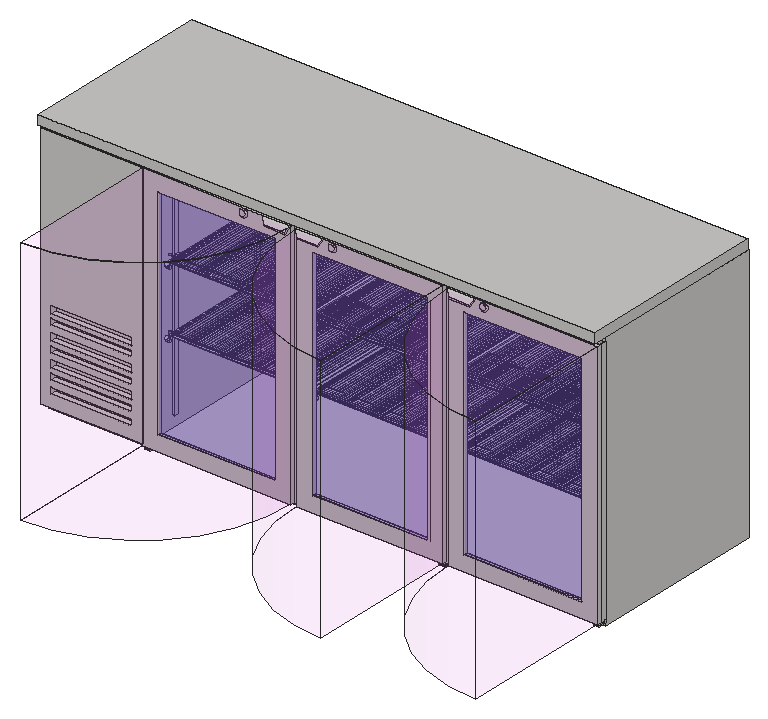
Revit family "QF_True_TBB24-72-3G-Z1-SFT-S-1_Glass_Swing_Door_Back_Bar", category Specialty Equipment, Revit 2021 (continued)
Definition of nested family "TBB24-72-3G-Z1-BST-B-1"
  Automatic sketch dimensions
    plane 7 "Center Y" to curve 15 = 0.63781"
    curve 5 to plane 10 = 0.02167"
    plane 13 to curve 5 = 0.04608"
    curve 18 to plane 13 = 1.19595"
    curve 10 to plane 13 = 2.94502"
    curve 17 to curve 19 = 2.67214"
    curve 6 to plane 10 = 0.02167"
    plane 4 "RIGHT" to curve 6 = 0.05741"
    plane 5 "FRONT" to curve 9 = 8.9955"
    plane 5 "FRONT" to curve 10 = 9.16144"
    curve 7 to curve 5 = 0.50779"
    plane 10 to curve 4 = 0.01931"
    curve 11 to curve 11 = 15/32"
    curve 5 to curve 14 = 0.35218"
    curve 9 to curve 5 = 0.32483"
    curve 6 to curve 17 = 0.35942"
    radius of Extrusion 49 sketch curve = 0.03267"
    radius of Extrusion 50 sketch curve = 0.03267"
    radius of Extrusion 51 sketch curve = 0.03267"
    radius of Extrusion 52 sketch curve = 0.03267"
    radius of Extrusion 53 sketch curve = 0.03267"
    radius of Extrusion 54 sketch curve = 0.03267"
    radius of Extrusion 55 sketch curve = 0.03267"
    radius of Extrusion 56 sketch curve = 0.03267"
    radius of Extrusion 57 sketch curve = 0.03267"
    radius of Extrusion 58 sketch curve = 0.03267"
    radius of Extrusion 59 sketch curve = 0.03267"
    radius of Extrusion 60 sketch curve = 0.03267"
    radius of Extrusion 61 sketch curve = 0.03267"
    radius of Extrusion 62 sketch curve = 0.03267"
    radius of Extrusion 63 sketch curve = 0.03267"
    radius of Extrusion 64 sketch curve = 0.03267"
    radius of Extrusion 65 sketch curve = 0.03267"
    radius of Extrusion 66 sketch curve = 0.03267"
    radius of Extrusion 67 sketch curve = 0.03267"
    radius of Extrusion 68 sketch curve = 0.03267"
    radius of Extrusion 69 sketch curve = 0.03267"
    radius of Extrusion 70 sketch curve = 0.03267"
    radius of Extrusion 71 sketch curve = 0.03267"
    radius of Extrusion 72 sketch curve = 0.03267"
    radius of Extrusion 73 sketch curve = 0.03267"
    radius of Extrusion 74 sketch curve = 0.03267"
    radius of Extrusion 75 sketch curve = 0.03267"
    radius of Extrusion 76 sketch curve = 0.03267"
    radius of Extrusion 77 sketch curve = 0.03267"
    radius of Extrusion 78 sketch curve = 0.03267"
    radius of Extrusion 79 sketch curve = 0.03267"
    radius of Extrusion 80 sketch curve = 0.03267"
    radius of Extrusion 81 sketch curve = 0.03267"
    radius of Extrusion 82 sketch curve = 0.03267"
    radius of Extrusion 83 sketch curve = 0.03267"
    radius of Extrusion 84 sketch curve = 0.03267"
    radius of Extrusion 85 sketch curve = 0.03267"
    radius of Extrusion 86 sketch curve = 0.03267"
    radius of Extrusion 87 sketch curve = 0.03267"
    radius of Extrusion 88 sketch curve = 0.03267"
    radius of Extrusion 89 sketch curve = 0.03267"
    radius of Extrusion 90 sketch curve = 0.03267"
    radius of Extrusion 91 sketch curve = 0.03267"
    radius of Extrusion 92 sketch curve = 0.03267"
    radius of Extrusion 93 sketch curve = 0.03267"
    radius of Extrusion 94 sketch curve = 0.03267"
    radius of Extrusion 95 sketch curve = 0.03267"
    radius of Extrusion 96 sketch curve = 0.03267"
    radius of Extrusion 97 sketch curve = 0.03267"
    radius of Extrusion 98 sketch curve = 0.03267"
    radius of Extrusion 99 sketch curve = 0.03267"  (x2)
    radius of Extrusion 100 sketch curve = 0.03267"  (x2)
    radius of Extrusion 101 sketch curve = 0.03267"  (x2)
    radius of Extrusion 102 sketch curve = 0.03267"  (x2)
    radius of Extrusion 103 sketch curve = 0.03267"  (x2)
    radius of Extrusion 104 sketch curve = 0.03267"  (x2)
    radius of Extrusion 105 sketch curve = 0.03267"  (x2)
    radius of Extrusion 106 sketch curve = 0.03267"  (x2)
    radius of Extrusion 107 sketch curve = 0.03267"  (x2)
    radius of Extrusion 108 sketch curve = 0.03267"  (x2)
    radius of Extrusion 109 sketch curve = 0.03267"  (x2)
    radius of Extrusion 110 sketch curve = 0.03267"  (x2)
    radius of Extrusion 111 sketch curve = 0.03267"  (x2)
    radius of Extrusion 112 sketch curve = 0.03267"  (x2)
    radius of Extrusion 113 sketch curve = 0.03267"  (x2)
    radius of Extrusion 114 sketch curve = 0.03267"  (x2)
    radius of Extrusion 115 sketch curve = 0.03267"  (x2)
    radius of Extrusion 116 sketch curve = 0.03267"  (x2)
    radius of Extrusion 117 sketch curve = 0.03267"  (x2)
    radius of Extrusion 118 sketch curve = 0.03267"  (x2)
    radius of Extrusion 119 sketch curve = 0.03267"  (x2)
    radius of Extrusion 120 sketch curve = 0.03267"  (x2)
    radius of Extrusion 121 sketch curve = 0.03267"  (x2)
    radius of Extrusion 122 sketch curve = 0.03267"  (x2)
    radius of Extrusion 123 sketch curve = 0.03267"  (x2)
    radius of Extrusion 124 sketch curve = 0.03267"  (x2)
    radius of Extrusion 125 sketch curve = 0.03267"  (x2)
    radius of Extrusion 126 sketch curve = 0.03267"  (x2)
    radius of Extrusion 127 sketch curve = 0.03267"  (x2)
    radius of Extrusion 128 sketch curve = 0.03267"  (x2)
    radius of Extrusion 129 sketch curve = 0.03267"  (x2)
    radius of Extrusion 130 sketch curve = 0.03267"  (x2)
    radius of Extrusion 131 sketch curve = 0.03267"  (x2)
    radius of Extrusion 132 sketch curve = 0.03267"  (x2)
    radius of Extrusion 133 sketch curve = 0.03267"  (x2)
    radius of Extrusion 134 sketch curve = 0.03267"  (x2)
    radius of Extrusion 135 sketch curve = 0.03267"  (x2)
    radius of Extrusion 136 sketch curve = 0.03267"  (x2)
    radius of Extrusion 137 sketch curve = 0.03267"  (x2)
    radius of Extrusion 138 sketch curve = 0.03267"  (x2)
    radius of Extrusion 139 sketch curve = 0.03267"  (x2)
    radius of Extrusion 140 sketch curve = 0.03267"  (x2)
    radius of Extrusion 141 sketch curve = 0.03267"  (x2)
    radius of Extrusion 142 sketch curve = 0.03267"  (x2)
    radius of Extrusion 143 sketch curve = 0.03267"  (x2)
    radius of Extrusion 144 sketch curve = 0.03267"  (x2)
    radius of Extrusion 145 sketch curve = 0.03267"  (x2)
    radius of Extrusion 146 sketch curve = 0.03267"  (x2)
    radius of Extrusion 147 sketch curve = 0.03267"  (x2)
    radius of Extrusion 148 sketch curve = 0.03267"  (x2)
    radius of Extrusion 149 sketch curve = 0.03267"  (x2)
    radius of Extrusion 150 sketch curve = 0.03267"  (x2)
    radius of Extrusion 151 sketch curve = 0.03267"  (x2)
    radius of Extrusion 152 sketch curve = 0.03267"  (x2)
    radius of Extrusion 153 sketch curve = 0.03267"  (x2)
    radius of Extrusion 154 sketch curve = 0.03267"  (x2)
    radius of Extrusion 155 sketch curve = 0.03267"  (x2)
    radius of Extrusion 156 sketch curve = 0.03267"  (x2)
    radius of Extrusion 157 sketch curve = 0.03267"  (x2)
    radius of Extrusion 158 sketch curve = 0.03267"  (x2)
    radius of Extrusion 159 sketch curve = 0.03267"  (x2)
    radius of Extrusion 160 sketch curve = 0.03267"  (x2)
    radius of Extrusion 161 sketch curve = 0.03267"  (x2)
    radius of Extrusion 162 sketch curve = 0.03267"  (x2)
    radius of Extrusion 163 sketch curve = 0.03267"  (x2)
    radius of Extrusion 164 sketch curve = 0.03267"  (x2)
    radius of Extrusion 165 sketch curve = 0.03267"  (x2)
    radius of Extrusion 166 sketch curve = 0.03267"  (x2)
    radius of Extrusion 167 sketch curve = 0.03267"  (x2)
    radius of Extrusion 168 sketch curve = 0.03267"  (x2)
    radius of Extrusion 169 sketch curve = 0.03267"  (x2)
    radius of Extrusion 170 sketch curve = 0.03267"  (x2)
    radius of Extrusion 171 sketch curve = 0.03267"  (x2)
    radius of Extrusion 172 sketch curve = 0.03267"  (x2)
    radius of Extrusion 173 sketch curve = 0.03267"  (x2)
    radius of Extrusion 174 sketch curve = 0.03267"  (x2)
    radius of Extrusion 175 sketch curve = 0.03267"  (x2)
    radius of Extrusion 176 sketch curve = 0.03267"  (x2)
    radius of Extrusion 177 sketch curve = 0.03267"  (x2)
    radius of Extrusion 178 sketch curve = 0.03267"  (x2)
    radius of Extrusion 179 sketch curve = 0.03267"  (x2)
    radius of Extrusion 180 sketch curve = 0.03267"  (x2)
    radius of Extrusion 181 sketch curve = 0.03267"  (x2)
    radius of Extrusion 182 sketch curve = 0.03267"  (x2)
    radius of Extrusion 183 sketch curve = 0.03267"  (x2)
    radius of Extrusion 184 sketch curve = 0.03267"  (x2)
    radius of Extrusion 185 sketch curve = 0.03267"  (x2)
    radius of Extrusion 186 sketch curve = 0.03267"  (x2)
    radius of Extrusion 187 sketch curve = 0.03267"  (x2)
    radius of Extrusion 188 sketch curve = 0.03267"  (x2)
    radius of Extrusion 189 sketch curve = 0.03267"  (x2)
    radius of Extrusion 190 sketch curve = 0.03267"  (x2)
    radius of Extrusion 191 sketch curve = 0.03267"  (x2)
    radius of Extrusion 192 sketch curve = 0.03267"  (x2)
    radius of Extrusion 193 sketch curve = 0.03267"  (x2)
    radius of Extrusion 194 sketch curve = 0.03267"  (x2)
    radius of Extrusion 195 sketch curve = 0.03267"  (x2)
    radius of Extrusion 196 sketch curve = 0.03267"  (x2)
    radius of Extrusion 197 sketch curve = 0.03267"  (x2)
    radius of Extrusion 198 sketch curve = 0.03267"  (x2)
    radius of Extrusion 199 sketch curve = 0.03267"  (x2)
    radius of Extrusion 200 sketch curve = 0.03267"  (x2)
    radius of Extrusion 201 sketch curve = 0.03267"  (x2)
    radius of Extrusion 202 sketch curve = 0.03267"  (x2)
    radius of Extrusion 203 sketch curve = 0.03267"  (x2)
    radius of Extrusion 204 sketch curve = 0.03267"  (x2)
    radius of Extrusion 205 sketch curve = 0.03267"  (x2)
    radius of Extrusion 206 sketch curve = 0.03267"  (x2)
    radius of Extrusion 207 sketch curve = 0.03267"  (x2)
    radius of Extrusion 208 sketch curve = 0.03267"  (x2)
    radius of Extrusion 209 sketch curve = 0.03267"  (x2)
    radius of Extrusion 210 sketch curve = 0.03267"  (x2)
    radius of Extrusion 211 sketch curve = 0.03267"  (x2)
    radius of Extrusion 212 sketch curve = 0.03267"  (x2)
    radius of Extrusion 213 sketch curve = 0.03267"  (x2)
    radius of Extrusion 214 sketch curve = 0.03267"  (x2)
    radius of Extrusion 215 sketch curve = 0.03267"  (x2)
    radius of Extrusion 216 sketch curve = 0.03267"  (x2)
    radius of Extrusion 217 sketch curve = 0.03267"  (x2)
    radius of Extrusion 218 sketch curve = 0.03267"  (x2)
    radius of Extrusion 219 sketch curve = 0.03267"  (x2)
    radius of Extrusion 220 sketch curve = 0.03267"  (x2)
    radius of Extrusion 221 sketch curve = 0.03267"  (x2)
    radius of Extrusion 222 sketch curve = 0.03267"  (x2)
    radius of Extrusion 223 sketch curve = 0.03267"  (x2)
    radius of Extrusion 224 sketch curve = 0.03267"  (x2)
    radius of Extrusion 225 sketch curve = 0.03267"  (x2)
    radius of Extrusion 226 sketch curve = 0.03267"  (x2)
    radius of Extrusion 227 sketch curve = 0.03267"  (x2)
    radius of Extrusion 228 sketch curve = 0.03267"  (x2)
    radius of Extrusion 229 sketch curve = 0.03267"  (x2)
    radius of Extrusion 230 sketch curve = 0.03267"  (x2)
    radius of Extrusion 231 sketch curve = 0.03267"  (x2)
    radius of Extrusion 232 sketch curve = 0.03267"  (x2)
    radius of Extrusion 233 sketch curve = 0.03267"  (x2)
    radius of Extrusion 234 sketch curve = 0.03267"  (x2)
    radius of Extrusion 235 sketch curve = 0.03267"  (x2)
    radius of Extrusion 236 sketch curve = 0.03267"  (x2)
    radius of Extrusion 237 sketch curve = 0.03267"  (x2)
    radius of Extrusion 238 sketch curve = 0.03267"  (x2)
    radius of Extrusion 239 sketch curve = 0.03267"  (x2)
    radius of Extrusion 240 sketch curve = 0.03267"  (x2)
    radius of Extrusion 241 sketch curve = 0.03267"  (x2)
    radius of Extrusion 242 sketch curve = 0.03267"  (x2)
    radius of Extrusion 243 sketch curve = 0.03267"  (x2)
    radius of Extrusion 244 sketch curve = 0.03267"  (x2)
    radius of Extrusion 245 sketch curve = 0.03267"  (x2)
    radius of Extrusion 246 sketch curve = 0.03267"  (x2)
    radius of Extrusion 247 sketch curve = 0.03267"  (x2)
    radius of Extrusion 248 sketch curve = 0.03267"  (x2)
    radius of Extrusion 249 sketch curve = 0.03267"  (x2)
    radius of Extrusion 250 sketch curve = 0.03267"
    radius of Extrusion 299 sketch curve = 0.03267"  (x3)
    radius of Extrusion 300 sketch curve = 0.03267"  (x2)
    radius of Extrusion 348 sketch curve = 0.03267"  (x2)
    radius of Extrusion 251 sketch curve = 0.03267"
    radius of Extrusion 301 sketch curve = 0.03267"  (x2)
    radius of Extrusion 252 sketch curve = 0.03267"
    radius of Extrusion 302 sketch curve = 0.03267"  (x2)
    radius of Extrusion 253 sketch curve = 0.03267"
    radius of Extrusion 303 sketch curve = 0.03267"  (x2)
    radius of Extrusion 254 sketch curve = 0.03267"
    radius of Extrusion 304 sketch curve = 0.03267"  (x2)
    radius of Extrusion 255 sketch curve = 0.03267"
    radius of Extrusion 305 sketch curve = 0.03267"  (x2)
    radius of Extrusion 256 sketch curve = 0.03267"
    radius of Extrusion 306 sketch curve = 0.03267"  (x2)
    radius of Extrusion 257 sketch curve = 0.03267"
    radius of Extrusion 307 sketch curve = 0.03267"  (x2)
    radius of Extrusion 258 sketch curve = 0.03267"
    radius of Extrusion 308 sketch curve = 0.03267"  (x2)
    radius of Extrusion 259 sketch curve = 0.03267"
    radius of Extrusion 309 sketch curve = 0.03267"  (x2)
    radius of Extrusion 260 sketch curve = 0.03267"
    radius of Extrusion 310 sketch curve = 0.03267"  (x2)
    radius of Extrusion 261 sketch curve = 0.03267"
    radius of Extrusion 311 sketch curve = 0.03267"  (x2)
    radius of Extrusion 262 sketch curve = 0.03267"
    radius of Extrusion 312 sketch curve = 0.03267"  (x2)
    radius of Extrusion 263 sketch curve = 0.03267"
    radius of Extrusion 313 sketch curve = 0.03267"  (x2)
    radius of Extrusion 264 sketch curve = 0.03267"
    radius of Extrusion 314 sketch curve = 0.03267"  (x2)
    radius of Extrusion 265 sketch curve = 0.03267"
    radius of Extrusion 315 sketch curve = 0.03267"  (x2)
    radius of Extrusion 266 sketch curve = 0.03267"
    radius of Extrusion 316 sketch curve = 0.03267"  (x2)
    radius of Extrusion 267 sketch curve = 0.03267"
    radius of Extrusion 317 sketch curve = 0.03267"  (x2)
    radius of Extrusion 268 sketch curve = 0.03267"
    radius of Extrusion 318 sketch curve = 0.03267"  (x2)
    radius of Extrusion 269 sketch curve = 0.03267"
    radius of Extrusion 319 sketch curve = 0.03267"  (x2)
    radius of Extrusion 270 sketch curve = 0.03267"
    radius of Extrusion 320 sketch curve = 0.03267"  (x2)
    radius of Extrusion 271 sketch curve = 0.03267"
    radius of Extrusion 321 sketch curve = 0.03267"  (x2)
    radius of Extrusion 272 sketch curve = 0.03267"
    radius of Extrusion 322 sketch curve = 0.03267"  (x2)
    radius of Extrusion 273 sketch curve = 0.03267"
    radius of Extrusion 323 sketch curve = 0.03267"  (x2)
    radius of Extrusion 274 sketch curve = 0.03267"
    radius of Extrusion 324 sketch curve = 0.03267"  (x2)
    radius of Extrusion 275 sketch curve = 0.03267"
    radius of Extrusion 325 sketch curve = 0.03267"  (x2)
    radius of Extrusion 276 sketch curve = 0.03267"
    radius of Extrusion 326 sketch curve = 0.03267"  (x2)
    radius of Extrusion 277 sketch curve = 0.03267"
    radius of Extrusion 327 sketch curve = 0.03267"  (x2)
    radius of Extrusion 278 sketch curve = 0.03267"
    radius of Extrusion 328 sketch curve = 0.03267"  (x2)
    radius of Extrusion 279 sketch curve = 0.03267"
    radius of Extrusion 329 sketch curve = 0.03267"  (x2)
    radius of Extrusion 280 sketch curve = 0.03267"
    radius of Extrusion 330 sketch curve = 0.03267"  (x2)
    radius of Extrusion 281 sketch curve = 0.03267"
    radius of Extrusion 331 sketch curve = 0.03267"  (x2)
    radius of Extrusion 282 sketch curve = 0.03267"
    radius of Extrusion 332 sketch curve = 0.03267"  (x2)
    radius of Extrusion 283 sketch curve = 0.03267"
    radius of Extrusion 333 sketch curve = 0.03267"  (x2)
    radius of Extrusion 284 sketch curve = 0.03267"
    radius of Extrusion 334 sketch curve = 0.03267"  (x2)
    radius of Extrusion 285 sketch curve = 0.03267"
    radius of Extrusion 335 sketch curve = 0.03267"  (x2)
    radius of Extrusion 286 sketch curve = 0.03267"
    radius of Extrusion 336 sketch curve = 0.03267"  (x2)
    radius of Extrusion 287 sketch curve = 0.03267"
    radius of Extrusion 337 sketch curve = 0.03267"  (x2)
    radius of Extrusion 288 sketch curve = 0.03267"
    radius of Extrusion 338 sketch curve = 0.03267"  (x2)
    radius of Extrusion 289 sketch curve = 0.03267"
    radius of Extrusion 339 sketch curve = 0.03267"  (x2)
    radius of Extrusion 290 sketch curve = 0.03267"
    radius of Extrusion 340 sketch curve = 0.03267"  (x2)
    radius of Extrusion 291 sketch curve = 0.03267"
    radius of Extrusion 341 sketch curve = 0.03267"  (x2)
    radius of Extrusion 292 sketch curve = 0.03267"
    radius of Extrusion 342 sketch curve = 0.03267"  (x2)
    radius of Extrusion 293 sketch curve = 0.03267"
    radius of Extrusion 343 sketch curve = 0.03267"  (x2)
    radius of Extrusion 294 sketch curve = 0.03267"
    radius of Extrusion 344 sketch curve = 0.03267"  (x2)
    radius of Extrusion 295 sketch curve = 0.03267"
    radius of Extrusion 345 sketch curve = 0.03267"  (x2)
    radius of Extrusion 296 sketch curve = 0.03267"
    radius of Extrusion 346 sketch curve = 0.03267"  (x2)
    radius of Extrusion 297 sketch curve = 0.03267"
    radius of Extrusion 347 sketch curve = 0.03267"  (x2)
    radius of Extrusion 298 sketch curve = 0.03267"
    radius of Extrusion 7 sketch curve = 1/2"
    radius of Blend 12 sketch curve = 1/2"
    radius of Blend 12 sketch curve = 0.39938"
    radius of Blend 13 sketch curve = 1/2"
    radius of Blend 13 sketch curve = 0.39938"
    radius of Extrusion 16 sketch curve = 1/4"  (x3)
    radius of Extrusion 17 sketch curve = 1/4"  (x3)
    radius of Sweep 20 sketch curve = 0.14183"
    radius of Sweep 33 sketch curve = 0.14183"
    radius of Extrusion 34 sketch curve = 0.05462"
    radius of Extrusion 35 sketch curve = 0.05462"
    radius of Extrusion 36 sketch curve = 0.05462"
    radius of Extrusion 37 sketch curve = 0.05462"
    radius of Sweep 42 sketch curve = 0.14183"
    radius of Sweep 43 sketch curve = 0.14183"
    radius of Sweep 44 sketch curve = 0.14183"
    radius of Sweep 45 sketch curve = 0.14183"
    radius of Extrusion 47 sketch curve = 0.05462"
    radius of Extrusion 48 sketch curve = 0.05462"
    radius of Blend 350 sketch curve = 1/2"
    radius of Blend 350 sketch curve = 0.39938"
Definition of nested family "Family3"
  Parameters (values of type "Family3")
    Weight in Pounds = 0
    URL Cutsheet = ""
    Specification by User = ""
    Specification by Manufacturer = ""
    Show Seismic Flanged [instance] = yes
    Show 6" Legs [instance] = yes
    Show 5" Casters [instance] = yes
    Show 4" Casters [instance] = yes
    Show 3" Casters [instance] = yes
    Show 2" Casters [instance] = yes
    Serial Number = ""
    Seismic Rating = ""
    SMACNA No = ""
    Revision Code = ""
    NAFEM Spec ID Number = ""
    Masterspec = ""
    Length = 0"
    Item Number = ""
    Installed By = ""
    Identify Quantity as Lot = yes
    Height = 0"
    Furnished By = ""
    Foodservice Equipment Identifier = yes
    Depth = 0"
    Default Elevation = 0"
    CSI MasterFormat = ""
  Reference planes (in)
    plane 1 "BACK": y = 0
    plane 2: z = 0
    plane 3 "LEFT": x = 0
    plane 4 "RIGHT": x = 0
    plane 5 "FRONT": y = 0
    plane 6 "TOP": z = 0
    plane 7 "Center Y": x = 0
    plane 8 "Center X": y = 0
  Dimensions and locks (in)
    equal spacing: plane 3 "LEFT", plane 7 "Center Y", plane 4 "RIGHT"
    "Length": plane 3 "LEFT" to plane 4 "RIGHT"
    equal spacing: plane 5 "FRONT", plane 8 "Center X", plane 1 "BACK"
    "Depth": plane 5 "FRONT" to plane 1 "BACK"
    "Height": plane 6 "TOP" to level
    aligned and locked: level to plane 2
  Nested families (in)
    nested 1: "2 INCHES_CASTER" at (0, 0, 0), 2 Inches Caster <- "Show 2" Casters", type "2 INCHES_CASTER"
      with Type Mark "", Specification by User "", Revision Code "", Item Number "", Installed By "", Identify Quantity as Lot yes, Furnished By "", Foodservice Equipment Identifier yes, 2 Inches Caster yes
    nested 2: "3 INCHES 01_CASTER" at (0, 0, 0), 3 Inches Caster <- "Show 3" Casters", type "3 INCHES 01_CASTER"
      with Type Mark "", Specification by User "", Revision Code "", Item Number "", Installed By "", Identify Quantity as Lot yes, Furnished By "", Foodservice Equipment Identifier yes, 3 Inches Caster yes
    nested 3: "4 INCHES_CASTER" at (0, 0, 0), Show 4 Inches Casters <- "Show 4" Casters", type "4 INCHES_CASTER"
      with Type Mark "", Specification by User "", Show 4 Inches Casters yes, Revision Code "", Item Number "", Installed By "", Identify Quantity as Lot yes, Furnished By "", Foodservice Equipment Identifier yes
    nested 4: "5 INCHES 01_CASTER 2" at (0, 0, 0), Show 5" Casters <- "Show 5" Casters", type "5 INCHES 01_CASTER 2"
      with Type Mark "", Specification by User "", Show 5" Casters yes, Revision Code "", Key Locks no, Item Number "", Installed By "", Identify Quantity as Lot yes, Furnished By "", Foodservice Equipment Identifier yes
    nested 5: "6 INCHES LEGS" at (0, 0, 0), Show 6" Legs <- "Show 6" Legs", type "6 INCHES LEGS"
      with Type Mark "", Status "", Specification by User "", Show Seismic Flanged no, Show 6" Legs yes, Revision Code "", Item Number "", Installed By "", Identify Quantity as Lot yes, Furnished By "", Foodservice Equipment Identifier yes
    nested 6: "6 INCHES LEGS WITH FLANGED" at (0, 0, 0), visible <- "Show Seismic Flanged", Show 6" Seismic Flanged <- "Show Seismic Flanged", type "6 INCHES LEGS WITH FLANGED"
      with Type Mark "", Status "", Specification by User "", Revision Code "", Item Number "", Installed By "", Identify Quantity as Lot yes, Furnished By "", Foodservice Equipment Identifier yes
  Definition of nested family "2 INCHES_CASTER"
    Parameters (values of type "2 INCHES_CASTER")
      Weight = ""
      URL Manufacturer = ""
      URL Cutsheet = ""
      URL = ""
      Type Mark [instance] = ""
      Specification by User [instance] = ""
      Specification by Manufacturer = ""
      Serial Number = ""
      Seismic Rating = ""
      SMACNA No = ""
      Revision Code [instance] = ""
      Omniclass Number and Title = ""
      NAFEM Spec ID Number = ""
      Model = ""
      MasterSpec. = ""
      Manufacturer = ""
      Item Number [instance] = ""
      Installed By [instance] = ""
      Identify Quantity as Lot [instance] = yes
      Furnished By [instance] = ""
      Foodservice Equipment Identifier [instance] = yes
      Description = ""
      Default Elevation = 0"
      CSI MasterFormat = ""
      CSI Master Format = ""
      Assembly Code = ""
      2 Inches Caster [instance] = yes
    Reference planes (in)
      plane 1: z = 0
      plane 2 "RIGHT": x = 0
      plane 3 "FRONT": y = 0
      plane 4 "TOP": z = 2
    Forms (in)
      Revolve 1, solid, visible <- "2 Inches Caster"
        sketch origin (-1.93794, 0.46818, -1.0041) x (1, 0, 0) y (0, 0, 1)
          loop
            line (0.74055, 1.86347) -> (0.74055, 1.78797) -> (0.79055, 1.73797) -> (0.85055, 1.73797) -> (0.85055, 1.6179) -> (1.235, 1.6179) -> (1.235, 1.55055) -> (1.38673, 1.46295) -> (1.4003, 1.3791) -> (1.34375, 1.3791) -> (1.34375, 1.2541) -> (1.375, 1.2541) -> (1.375, 1.0041) -> (2.48438, 1.0041) -> (2.48438, 1.2541) -> (2.51563, 1.2541) -> (2.51563, 1.3791) -> (2.45908, 1.3791) -> (2.47322, 1.46647) -> (2.62438, 1.55374) -> (2.62438, 1.6179) -> (3.04007, 1.6179) -> (3.04007, 1.73797) -> (3.10007, 1.73797) -> (3.15007, 1.78797) -> (3.15007, 1.86347) -> (0.74055, 1.86347)
          axis (0.74055, 1.86347) -> (3.15007, 1.86347)
        angle from 0 to 360
      Extrusion 2, solid, visible <- "2 Inches Caster"
        sketch origin (-1.93794, 1.43296, -3.41527) x (0, 1, 0) y (0, 0, 1)
          loop
            line (-0.64294, 5.3791) -> (-2.21294, 5.3791) -> (-2.21294, 5.24769) -> (-1.37414, 5.24769)
            arc (-1.37414, 5.24769) -> (-0.62115, 5.15851) -> (0.05138, 4.80832) r 2.10495
            line (0.05138, 4.80832) -> (0.12713, 4.91318)
            arc (0.12713, 4.91318) -> (-0.07255, 5.06376) -> (-0.29048, 5.18644) r 1.8753
            line (-0.29048, 5.18644) -> (-0.22239, 5.30423)
            arc (-0.22239, 5.30423) -> (-0.42936, 5.36024) -> (-0.64294, 5.3791) r 1.21859
        from 1.17357 to 2.70231
      Revolve 3, solid, visible <- "2 Inches Caster"
        sketch origin (0, 1.73858, -3.75) x (0, 1, 0) y (0, 0, 1)
          loop
            line (-1.73858, 5.71382) -> (-1.05793, 5.71382) -> (-1.05793, 5.75) -> (-1.73858, 5.75) -> (-1.73858, 5.71382)
          axis (-1.73858, 5.71382) -> (-1.73858, 5.75319)
        angle from 0 to 360
      Extrusion 4, solid, visible <- "2 Inches Caster"
        sketch origin (-1.98481, 1.43296, -1.7541) x (0, 1, 0) y (0, 0, 1)
          loop
            line (-2.21294, 3.71792) -> (-2.21294, 3.58652) -> (-1.94904, 3.58652)
            arc (-1.94904, 3.58652) -> (-1.56115, 3.28048) -> (-1.39241, 2.81612) r 0.90292
            arc (-1.39241, 2.81612) -> (-1.36136, 2.62044) -> (-1.29729, 2.43295) r 1.15385
            arc (-1.29729, 2.43295) -> (-0.94802, 2.21237) -> (-0.6121, 2.45278) r 0.37001
            arc (-0.6121, 2.45278) -> (-0.59625, 2.50123) -> (-0.58446, 2.55082) r 0.61695
            arc (-0.58446, 2.55082) -> (-0.36134, 2.95548) -> (0.05609, 3.15367) r 0.75313
            line (0.05609, 3.15367) -> (0.12713, 3.252)
            arc (0.12713, 3.252) -> (-0.07255, 3.40259) -> (-0.29048, 3.52526) r 1.8753
            line (-0.29048, 3.52526) -> (-0.22239, 3.64306)
            arc (-0.22239, 3.64306) -> (-0.42936, 3.69906) -> (-0.64294, 3.71792) r 1.21859
            line (-0.64294, 3.71792) -> (-2.21294, 3.71792)
        from 2.74918 to 2.90825
      Extrusion 5, solid, visible <- "2 Inches Caster"
        sketch origin (1.98481, 1.43296, -1.7541) x (0, 1, 0) y (0, 0, -1)
          loop
            arc (-0.58446, -2.55082) -> (-0.59625, -2.50123) -> (-0.6121, -2.45278) r 0.61695
            arc (-0.6121, -2.45278) -> (-0.94802, -2.21237) -> (-1.29729, -2.43295) r 0.37001
            arc (-1.29729, -2.43295) -> (-1.36136, -2.62044) -> (-1.39241, -2.81612) r 1.15385
            arc (-1.39241, -2.81612) -> (-1.56115, -3.28048) -> (-1.94904, -3.58652) r 0.90292
            line (-1.94904, -3.58652) -> (-2.21294, -3.58652) -> (-2.21294, -3.71792) -> (-0.64294, -3.71792)
            arc (-0.64294, -3.71792) -> (-0.42936, -3.69906) -> (-0.22239, -3.64306) r 1.21859
            line (-0.22239, -3.64306) -> (-0.29048, -3.52526)
            arc (-0.29048, -3.52526) -> (-0.07255, -3.40259) -> (0.12713, -3.252) r 1.8753
            line (0.12713, -3.252) -> (0.05609, -3.15367)
            arc (0.05609, -3.15367) -> (-0.36134, -2.95548) -> (-0.58446, -2.55082) r 0.75313
        from 2.74918 to 2.90825
    Cuts and joins
      joined: Revolve 1, Extrusion 4, Extrusion 5
    Lines and regions (in)
      symbolic lines, visible <- "2 Inches Caster"
        curve 1: line (0.10651, 1.59133, 0) -> (0.80944, 1.1855, 0)
        curve 2: line (-0.89349, -0.14072, 0) -> (0.10651, 1.59133, 0)
        curve 3: line (-0.19056, -0.54656, 0) -> (-0.89349, -0.14072, 0)
        curve 4: line (0.80944, 1.1855, 0) -> (-0.19056, -0.54656, 0)
    Dimensions and locks (in)
      plane 4 "TOP" to level = 2"  (x2)
      aligned and locked: level to plane 1
  Definition of nested family "3 INCHES 01_CASTER"
    Parameters (values of type "3 INCHES 01_CASTER")
      Weight = ""
      URL Manufacturer = ""
      URL Cutsheet = ""
      URL = ""
      Type Mark [instance] = ""
      Specification by User [instance] = ""
      Specification by Manufacturer = ""
      Serial Number = ""
      Seismic Rating = ""
      SMACNA No = ""
      Revision Code [instance] = ""
      Omniclass Number and Title = ""
      NAFEM Spec ID Number = ""
      Model = ""
      MasterSpec. = ""
      Manufacturer = ""
      Item Number [instance] = ""
      Installed By [instance] = ""
      Identify Quantity as Lot [instance] = yes
      Furnished By [instance] = ""
      Foodservice Equipment Identifier [instance] = yes
      Description = ""
      Default Elevation = 0"
      CSI MasterFormat = ""
      CSI Master Format = ""
      Assembly Code = ""
      3 Inches Caster [instance] = yes
    Reference planes (in)
      plane 1: z = 0
      plane 2 "RIGHT": x = 0
      plane 3 "FRONT": y = 0
      plane 4 "TOP": z = 3
    Forms (in)
      Revolve 1, solid, visible <- "3 Inches Caster"
        sketch origin (-1.93794, 0.56004, -1.0041) x (1, 0, 0) y (0, 0, 1)
          loop
            line (0.74055, 2.11347) -> (0.74055, 2.03797) -> (0.79055, 1.98797) -> (0.85055, 1.98797) -> (0.85055, 1.8679) -> (1.235, 1.8679) -> (1.235, 1.7068) -> (1.36441, 1.63209) -> (1.4003, 1.41035) -> (1.34375, 1.41035) -> (1.34375, 1.28535) -> (1.375, 1.28535) -> (1.375, 1.0041) -> (2.48438, 1.0041) -> (2.48438, 1.28535) -> (2.51563, 1.28535) -> (2.51563, 1.41035) -> (2.45908, 1.41035) -> (2.49553, 1.6356) -> (2.62438, 1.70999) -> (2.62438, 1.8679) -> (3.04007, 1.8679) -> (3.04007, 1.98797) -> (3.10007, 1.98797) -> (3.15007, 2.03797) -> (3.15007, 2.11347) -> (0.74055, 2.11347)
          axis (0.74055, 2.11347) -> (3.15007, 2.11347)
        angle from 0 to 360
      Extrusion 2, solid, visible <- "3 Inches Caster"
        sketch origin (-1.93794, 1.35294, -3.2541) x (0, 1, 0) y (0, 0, 1)
          loop
            line (-0.41094, 5.86793) -> (-0.41094, 6.01276) -> (-2.29494, 6.01276) -> (-2.29494, 5.71244) -> (-1.82301, 5.71244)
            arc (-1.82301, 5.71244) -> (-1.00307, 5.59865) -> (-0.19592, 5.41488) r 9.6332
            arc (-0.19592, 5.41488) -> (0.12646, 5.29481) -> (0.42224, 5.11916) r 1.92059
            line (0.42224, 5.11916) -> (0.51314, 5.245)
            arc (0.51314, 5.245) -> (0.27353, 5.42569) -> (0.01201, 5.5729) r 2.25036
            line (0.01201, 5.5729) -> (0.09371, 5.71426)
            arc (0.09371, 5.71426) -> (-0.15272, 5.81043) -> (-0.41094, 5.86793) r 1.73151
        from 1.17357 to 2.70231
      Revolve 3, solid, visible <- "3 Inches Caster"
        sketch origin (0, 1.73858, -3.25) x (0, 1, 0) y (0, 0, 1)
          loop
            line (-1.73858, 6.25) -> (-1.73858, 6.00866) -> (-0.93293, 6.00866) -> (-0.93293, 6.25) -> (-1.73858, 6.25)
          axis (-1.73858, 6.00866) -> (-1.73858, 6.25)
        angle from 0 to 360
      Extrusion 4, solid, visible <- "3 Inches Caster"
        sketch origin (-1.98481, 1.35294, -1.7541) x (0, 1, 0) y (0, 0, 1)
          loop
            line (-2.29494, 4.51276) -> (-2.29494, 4.21244) -> (-2.2074, 4.21244)
            arc (-2.2074, 4.21244) -> (-1.58796, 3.87196) -> (-1.3103, 3.22193) r 1.0835
            arc (-1.3103, 3.22193) -> (-1.27304, 2.98711) -> (-1.19616, 2.76214) r 1.38462
            arc (-1.19616, 2.76214) -> (-0.77704, 2.49744) -> (-0.37393, 2.78593) r 0.44401
            arc (-0.37393, 2.78593) -> (-0.35491, 2.84407) -> (-0.34077, 2.90358) r 0.74034
            arc (-0.34077, 2.90358) -> (-0.07302, 3.38916) -> (0.4279, 3.62699) r 0.90376
            line (0.4279, 3.62699) -> (0.51314, 3.745)
            arc (0.51314, 3.745) -> (0.27353, 3.92569) -> (0.01201, 4.0729) r 2.25036
            line (0.01201, 4.0729) -> (0.09371, 4.21426)
            arc (0.09371, 4.21426) -> (-0.15272, 4.31043) -> (-0.41094, 4.36793) r 1.73151
            line (-0.41094, 4.36793) -> (-0.41094, 4.51276) -> (-2.29494, 4.51276)
        from 2.74918 to 2.90825
      Extrusion 5, solid, visible <- "3 Inches Caster"
        sketch origin (1.98481, 1.35294, -1.7541) x (0, 1, 0) y (0, 0, -1)
          loop
            line (-2.29494, -4.51276) -> (-0.41094, -4.51276) -> (-0.41094, -4.36793)
            arc (-0.41094, -4.36793) -> (-0.15272, -4.31043) -> (0.09371, -4.21426) r 1.73151
            line (0.09371, -4.21426) -> (0.01201, -4.0729)
            arc (0.01201, -4.0729) -> (0.27353, -3.92569) -> (0.51314, -3.745) r 2.25036
            line (0.51314, -3.745) -> (0.4279, -3.62699)
            arc (0.4279, -3.62699) -> (-0.07302, -3.38916) -> (-0.34077, -2.90358) r 0.90376
            arc (-0.34077, -2.90358) -> (-0.35491, -2.84407) -> (-0.37393, -2.78593) r 0.74034
            arc (-0.37393, -2.78593) -> (-0.77704, -2.49744) -> (-1.19616, -2.76214) r 0.44401
            arc (-1.19616, -2.76214) -> (-1.27304, -2.98711) -> (-1.3103, -3.22193) r 1.38462
            arc (-1.3103, -3.22193) -> (-1.58796, -3.87196) -> (-2.2074, -4.21244) r 1.0835
            line (-2.2074, -4.21244) -> (-2.29494, -4.21244) -> (-2.29494, -4.51276)
        from 2.74918 to 2.90825
    Cuts and joins
      joined: Extrusion 2, Extrusion 4, Extrusion 5
    Lines and regions (in)
      symbolic lines, visible <- "3 Inches Caster"
        curve 1: line (0.1877, 1.65194, 0) -> (0.89063, 1.2461, 0)
        curve 2: line (-1.00175, -0.40823, 0) -> (0.1877, 1.65194, 0)
        curve 3: line (-0.29881, -0.81407, 0) -> (-1.00175, -0.40823, 0)
        curve 4: line (0.89063, 1.2461, 0) -> (-0.29881, -0.81407, 0)
    Dimensions and locks (in)
      plane 4 "TOP" to level = 3"  (x2)
      aligned and locked: level to plane 1
  Definition of nested family "4 INCHES_CASTER"
    Parameters (values of type "4 INCHES_CASTER")
      Weight = ""
      URL Manufacturer = ""
      URL Cutsheet = ""
      URL = ""
      Type Mark [instance] = ""
      Specification by User [instance] = ""
      Specification by Manufacturer = ""
      Show 4 Inches Casters [instance] = yes
      Serial Number = ""
      Seismic Rating = ""
      SMACNA No = ""
      Revision Code [instance] = ""
      Omniclass Number and Title = ""
      NAFEM Spec ID Number = ""
      Model = ""
      MasterSpec. = ""
      Manufacturer = ""
      Item Number [instance] = ""
      Installed By [instance] = ""
      Identify Quantity as Lot [instance] = yes
      Furnished By [instance] = ""
      Foodservice Equipment Identifier [instance] = yes
      Description = ""
      Default Elevation = 0"
      CSI MasterFormat = ""
      CSI Master Format = ""
      Assembly Code = ""
    Reference planes (in)
      plane 1: z = 0
      plane 2 "RIGHT": x = 0
      plane 3 "FRONT": y = 0
      plane 4 "TOP": z = 4
    Forms (in)
      Revolve 1, solid, visible <- "Show 4 Inches Casters"
        sketch origin (-1.93794, 0.83816, -1.0041) x (1, 0, 0) y (0, 0, 1)
          loop
            line (0.74055, 2.5041) -> (3.15007, 2.5041) -> (3.15007, 2.5796) -> (3.10007, 2.6296) -> (3.04007, 2.6296) -> (3.04007, 2.74967) -> (2.62438, 2.74967) -> (2.62438, 2.93884) -> (2.48438, 3.01967) -> (2.45908, 3.17597) -> (2.51563, 3.17597) -> (2.51563, 3.41035) -> (2.48438, 3.41035) -> (2.48438, 4.0041) -> (1.375, 4.0041) -> (1.375, 3.41035) -> (1.34375, 3.41035) -> (1.34375, 3.17597) -> (1.4003, 3.17597) -> (1.37557, 3.02318) -> (1.235, 2.94202) -> (1.235, 2.74967) -> (0.85055, 2.74967) -> (0.85055, 2.6296) -> (0.79055, 2.6296) -> (0.74055, 2.5796) -> (0.74055, 2.5041)
          axis (0.74055, 2.5041) -> (3.15007, 2.5041)
        angle from 0 to 360
      Extrusion 2, solid, visible <- "Show 4 Inches Casters"
        sketch origin (-1.93794, 1.80294, -1.7541) x (0, 1, 0) y (0, 0, 1)
          loop
            line (-3.08794, 5.33423) -> (-3.08794, 5.00584) -> (-2.69466, 5.00584)
            arc (-2.69466, 5.00584) -> (-1.57175, 4.94895) -> (-0.46376, 4.75787) r 9.36411
            arc (-0.46376, 4.75787) -> (-0.05889, 4.58436) -> (0.28335, 4.30705) r 1.60049
            line (0.28335, 4.30705) -> (0.34449, 4.39437)
            arc (0.34449, 4.39437) -> (0.12713, 4.6163) -> (-0.1239, 4.79931) r 1.8753
            line (-0.1239, 4.79931) -> (-0.05749, 4.91421)
            arc (-0.05749, 4.91421) -> (-0.33807, 5.05694) -> (-0.64294, 5.13542) r 1.44292
            line (-0.64294, 5.13542) -> (-0.64294, 5.33423) -> (-3.08794, 5.33423)
        from 1.1267 to 2.74918
      Revolve 3, solid, visible <- "Show 4 Inches Casters"
        sketch origin (0, 2.15543, -2.25) x (0, 1, 0) y (0, 0, 1)
          loop
            line (-2.21793, 6.25) -> (-2.21793, 5.83014) -> (-1.05793, 5.83014) -> (-1.05793, 6.25) -> (-2.21793, 6.25)
          axis (-2.21793, 5.83014) -> (-2.21793, 6.25)
        angle from 0 to 360
      Extrusion 4, solid, visible <- "Show 4 Inches Casters"
        sketch origin (-1.93794, 1.80294, -1.7541) x (0, 1, 0) y (0, 0, 1)
          loop
            line (-3.08794, 5.33423) -> (-3.08794, 5.00584) -> (-2.8913, 5.00584)
            arc (-2.8913, 5.00584) -> (-2.09118, 4.14057) -> (-1.45681, 3.14736) r 6.63355
            arc (-1.45681, 3.14736) -> (-0.85703, 2.75969) -> (-0.4561, 3.35069) r 0.5107
            arc (-0.4561, 3.35069) -> (-0.27092, 3.92503) -> (0.24034, 4.24562) r 0.88136
            line (0.24034, 4.24562) -> (0.34449, 4.39437)
            arc (0.34449, 4.39437) -> (0.12713, 4.6163) -> (-0.1239, 4.79931) r 1.8753
            line (-0.1239, 4.79931) -> (-0.05749, 4.91421)
            arc (-0.05749, 4.91421) -> (-0.33807, 5.05694) -> (-0.64294, 5.13542) r 1.44292
            line (-0.64294, 5.13542) -> (-0.64294, 5.33423) -> (-3.08794, 5.33423)
        from 2.74918 to 2.90825
      Extrusion 5, solid, visible <- "Show 4 Inches Casters"
        sketch origin (1.93794, 1.80294, -1.7541) x (0, 1, 0) y (0, 0, -1)
          loop
            line (-3.08794, -5.33423) -> (-0.64294, -5.33423) -> (-0.64294, -5.13542)
            arc (-0.64294, -5.13542) -> (-0.33807, -5.05694) -> (-0.05749, -4.91421) r 1.44292
            line (-0.05749, -4.91421) -> (-0.1239, -4.79931)
            arc (-0.1239, -4.79931) -> (0.12713, -4.6163) -> (0.34449, -4.39437) r 1.8753
            line (0.34449, -4.39437) -> (0.24034, -4.24562)
            arc (0.24034, -4.24562) -> (-0.27092, -3.92503) -> (-0.4561, -3.35069) r 0.88136
            arc (-0.4561, -3.35069) -> (-0.85703, -2.75969) -> (-1.45681, -3.14736) r 0.5107
            arc (-1.45681, -3.14736) -> (-2.09118, -4.14057) -> (-2.8913, -5.00584) r 6.63355
            line (-2.8913, -5.00584) -> (-3.08794, -5.00584) -> (-3.08794, -5.33423)
        from 2.74918 to 2.90825
    Cuts and joins
      joined: Extrusion 2, Extrusion 4, Extrusion 5
    Lines and regions (in)
      symbolic lines, visible <- "Show 4 Inches Casters"
        curve 1: line (0.28481, 1.83041, 0) -> (1.24556, 1.27572, 0)
        curve 2: line (-1.26206, -0.84886, 0) -> (0.28481, 1.83041, 0)
        curve 3: line (-0.30132, -1.40355, 0) -> (-1.26206, -0.84886, 0)
        curve 4: line (1.24556, 1.27572, 0) -> (-0.30132, -1.40355, 0)
    Dimensions and locks (in)
      plane 4 "TOP" to level = 4"  (x2)
      aligned and locked: level to plane 1
  Definition of nested family "5 INCHES 01_CASTER 2"
    Parameters (values of type "5 INCHES 01_CASTER 2")
      Weight = ""
      URL Manufacturer = ""
      URL Cutsheet = ""
      URL = ""
      Type Mark [instance] = ""
      Specification by User [instance] = ""
      Specification by Manufacturer = ""
      Show 5" Casters [instance] = yes
      Serial Number = ""
      Seismic Rating = ""
      SMACNA No = ""
      Revision Code [instance] = ""
      Omniclass Number and Title = ""
      NAFEM Spec ID Number = ""
      Model = ""
      MasterSpec. = ""
      Manufacturer = ""
      Key Locks [instance] = yes
      Item Number [instance] = ""
      Installed By [instance] = ""
      Identify Quantity as Lot [instance] = yes
      Furnished By [instance] = ""
      Foodservice Equipment Identifier [instance] = yes
      Description = ""
      Default Elevation = 0"
      CSI MasterFormat = ""
      CSI Master Format = ""
      Assembly Code = ""
    Reference planes (in)
      plane 1: z = 0
      plane 2 "RIGHT": x = 0
      plane 3 "FRONT": y = 0
      plane 4 "TOP": z = 5
    Forms (in)
      Revolve 1, solid, visible <- "Show 5" Casters"
        sketch origin (-1.93794, 0.99859, -1.0041) x (1, 0, 0) y (0, 0, 1)
          loop
            line (0.74055, 3.0041) -> (0.74055, 2.9286) -> (0.79055, 2.8786) -> (0.85055, 2.8786) -> (0.85055, 2.75852) -> (1.235, 2.75852) -> (1.235, 2.56618) -> (1.37557, 2.48502) -> (1.49133, 1.76972) -> (1.34375, 1.76972) -> (1.34375, 1.53535) -> (1.375, 1.53535) -> (1.375, 1.0041) -> (2.48438, 1.0041) -> (2.48438, 1.53535) -> (2.51563, 1.53535) -> (2.51563, 1.76972) -> (2.36805, 1.76972) -> (2.48438, 2.48853) -> (2.62438, 2.56936) -> (2.62438, 2.75852) -> (3.04007, 2.75852) -> (3.04007, 2.8786) -> (3.10007, 2.8786) -> (3.15007, 2.9286) -> (3.15007, 3.0041) -> (0.74055, 3.0041)
          axis (0.74055, 3.0041) -> (3.15007, 3.0041)
        angle from 0 to 360
      Extrusion 2, solid, visible <- "Show 5" Casters"
        sketch origin (-1.93794, 1.96337, -0.7541) x (0, 1, 0) y (0, 0, 1)
          loop
            line (-3.37739, 5.33423) -> (-3.37739, 4.92712) -> (-2.49294, 4.92712)
            arc (-2.49294, 4.92712) -> (-1.47209, 4.91752) -> (-0.46376, 4.75787) r 6.92153
            arc (-0.46376, 4.75787) -> (0.14199, 4.53396) -> (0.67481, 4.16904) r 2.62713
            line (0.67481, 4.16904) -> (0.7876, 4.33012)
            arc (0.7876, 4.33012) -> (0.48098, 4.5674) -> (0.13288, 4.73811) r 1.91675
            line (0.13288, 4.73811) -> (0.21197, 4.87494)
            arc (0.21197, 4.87494) -> (-0.1576, 5.02102) -> (-0.54934, 5.08775) r 1.91675
            line (-0.54934, 5.08775) -> (-0.54934, 5.33423) -> (-3.37739, 5.33423)
        from 1.17357 to 2.70231
      Revolve 3, solid, visible <- "Show 5" Casters"
        sketch origin (0, 2.15543, -1.25) x (0, 1, 0) y (0, 0, 1)
          loop
            line (-2.21793, 6.25) -> (-2.21793, 5.83014) -> (-1.05793, 5.83014) -> (-1.05793, 6.25) -> (-2.21793, 6.25)
          axis (-2.21793, 5.83014) -> (-2.21793, 6.25)
        angle from 0 to 360
      Extrusion 4, solid, visible <- "Show 5" Casters"
        sketch origin (-1.98481, 1.96337, -0.7541) x (0, 1, 0) y (0, 0, 1)
          loop
            line (-3.37739, 5.33423) -> (-3.37739, 4.92712) -> (-3.13361, 4.92712)
            arc (-3.13361, 4.92712) -> (-2.12623, 3.92533) -> (-1.55834, 2.62307) r 3.79122
            arc (-1.55834, 2.62307) -> (-0.81477, 2.14247) -> (-0.31772, 2.87515) r 0.63314
            arc (-0.31772, 2.87515) -> (-0.02244, 3.67728) -> (0.68637, 4.15498) r 1.39003
            line (0.68637, 4.15498) -> (0.7876, 4.33012)
            arc (0.7876, 4.33012) -> (0.48098, 4.5674) -> (0.13288, 4.73811) r 1.91675
            line (0.13288, 4.73811) -> (0.21197, 4.87494)
            arc (0.21197, 4.87494) -> (-0.1576, 5.02102) -> (-0.54934, 5.08775) r 1.91675
            line (-0.54934, 5.08775) -> (-0.54934, 5.33423) -> (-3.37739, 5.33423)
        from 2.74918 to 2.90825
      Extrusion 5, solid, visible <- "Show 5" Casters"
        sketch origin (1.98481, 1.96337, -0.7541) x (0, 1, 0) y (0, 0, -1)
          loop
            line (-3.37739, -5.33423) -> (-0.54934, -5.33423) -> (-0.54934, -5.08775)
            arc (-0.54934, -5.08775) -> (-0.1576, -5.02102) -> (0.21197, -4.87494) r 1.91675
            line (0.21197, -4.87494) -> (0.13288, -4.73811)
            arc (0.13288, -4.73811) -> (0.48098, -4.5674) -> (0.7876, -4.33012) r 1.91675
            line (0.7876, -4.33012) -> (0.68637, -4.15498)
            arc (0.68637, -4.15498) -> (-0.02244, -3.67728) -> (-0.31772, -2.87515) r 1.39003
            arc (-0.31772, -2.87515) -> (-0.81477, -2.14247) -> (-1.55834, -2.62307) r 0.63314
            arc (-1.55834, -2.62307) -> (-2.12623, -3.92533) -> (-3.13361, -4.92712) r 3.79122
            line (-3.13361, -4.92712) -> (-3.37739, -4.92712) -> (-3.37739, -5.33423)
        from 2.74918 to 2.90825
      Extrusion 6, solid, visible <- "Key Locks"
        sketch origin (-0.96875, 2.04726, -0.57589) x (0, 1, 0) y (0, 0, -1)
          loop
            line (-2.58496, -2.03961) -> (-1.89213, -2.43961) -> (-1.53273, -2.64711)
            arc (-1.53273, -2.64711) -> (-1.45411, -2.76529) -> (-1.38688, -2.89031) r 1.51617
            arc (-1.38688, -2.89031) -> (-1.13602, -3.13035) -> (-0.79652, -3.20306) r 0.63657
            arc (-0.79652, -3.20306) -> (-0.67098, -3.20163) -> (-0.54633, -3.21661) r 0.9589
            line (-0.54633, -3.21661) -> (0.23309, -3.66661) -> (0.42979, -3.32592)
            arc (0.42979, -3.32592) -> (0.46473, -3.10362) -> (0.3415, -2.91533) r 0.313
            line (0.3415, -2.91533) -> (0.21087, -3.04595)
            arc (0.21087, -3.04595) -> (0.24081, -3.14321) -> (0.14284, -3.17074) r 0.07109
            line (0.14284, -3.17074) -> (-0.52795, -2.78336)
            arc (-0.52795, -2.78336) -> (-0.62217, -2.51108) -> (-0.36609, -2.37904) r 0.22
            arc (-0.36609, -2.37904) -> (-0.3435, -2.357) -> (-0.33862, -2.32583) r 0.05
            arc (-0.33862, -2.32583) -> (-0.50047, -2.10967) -> (-0.75504, -2.01961) r 0.46592
            line (-0.75504, -2.01961) -> (-1.49574, -2.01961)
            arc (-1.49574, -2.01961) -> (-1.57675, -2.00894) -> (-1.65224, -1.97767) r 0.313
            line (-1.65224, -1.97767) -> (-2.05389, -1.74578)
            arc (-2.05389, -1.74578) -> (-2.2914, -1.71451) -> (-2.48146, -1.86034) r 0.313
            line (-2.48146, -1.86034) -> (-2.58496, -2.03961)
        from 0 to 0.0625
      Extrusion 7, solid, visible <- "Key Locks"
        sketch origin (-0.96875, 2.04726, -0.57589) x (0, 1, 0) y (0, 0, -1)
          loop
            line (-0.45692, -2.6604) -> (0.47061, -3.19578)
            arc (0.47061, -3.19578) -> (0.44304, -3.03852) -> (0.3415, -2.91533) r 0.313
            line (0.3415, -2.91533) -> (-0.36656, -2.53415)
            arc (-0.36656, -2.53415) -> (-0.48136, -2.54745) -> (-0.45692, -2.6604) r 0.078
        from 0 to 0.5
      Extrusion 8, solid, visible <- "Key Locks"
        sketch origin (0.96875, 2.04726, -0.57589) x (0, 1, 0) y (0, 0, 1)
          loop
            line (-2.58496, 2.03961) -> (-2.48146, 1.86034)
            arc (-2.48146, 1.86034) -> (-2.2914, 1.71451) -> (-2.05389, 1.74578) r 0.313
            line (-2.05389, 1.74578) -> (-1.65224, 1.97767)
            arc (-1.65224, 1.97767) -> (-1.57675, 2.00894) -> (-1.49574, 2.01961) r 0.313
            line (-1.49574, 2.01961) -> (-0.75504, 2.01961)
            arc (-0.75504, 2.01961) -> (-0.50047, 2.10967) -> (-0.33862, 2.32583) r 0.46592
            arc (-0.33862, 2.32583) -> (-0.3435, 2.357) -> (-0.36609, 2.37904) r 0.05
            arc (-0.36609, 2.37904) -> (-0.62217, 2.51108) -> (-0.52795, 2.78336) r 0.22
            line (-0.52795, 2.78336) -> (0.14284, 3.17074)
            arc (0.14284, 3.17074) -> (0.24081, 3.14321) -> (0.21087, 3.04595) r 0.07109
            line (0.21087, 3.04595) -> (0.3415, 2.91533)
            arc (0.3415, 2.91533) -> (0.46473, 3.10362) -> (0.42979, 3.32592) r 0.313
            line (0.42979, 3.32592) -> (0.23309, 3.66661) -> (-0.54633, 3.21661)
            arc (-0.54633, 3.21661) -> (-0.67098, 3.20163) -> (-0.79652, 3.20306) r 0.9589
            arc (-0.79652, 3.20306) -> (-1.13602, 3.13035) -> (-1.38688, 2.89031) r 0.63657
            arc (-1.38688, 2.89031) -> (-1.45411, 2.76529) -> (-1.53273, 2.64711) r 1.51617
            line (-1.53273, 2.64711) -> (-1.89213, 2.43961) -> (-2.58496, 2.03961)
        from 0 to 0.0625
      Extrusion 9, solid, visible <- "Key Locks"
        sketch origin (0.96875, 2.04726, -0.57589) x (0, 1, 0) y (0, 0, 1)
          loop
            arc (-0.45692, 2.6604) -> (-0.48136, 2.54745) -> (-0.36656, 2.53415) r 0.078
            line (-0.36656, 2.53415) -> (0.3415, 2.91533)
            arc (0.3415, 2.91533) -> (0.44304, 3.03852) -> (0.47061, 3.19578) r 0.313
            line (0.47061, 3.19578) -> (-0.45692, 2.6604)
        from 0 to 0.5
    Cuts and joins
      joined: Extrusion 2, Extrusion 4, Extrusion 5
    Lines and regions (in)
      symbolic lines, visible <- "Show 5" Casters"
        curve 1: line (0.54262, 2.21348, 0) -> (1.50337, 1.65879, 0)
        curve 2: line (-1.45738, -1.25062, 0) -> (-0.70738, 0.04842, 0)
        curve 3: line (-0.49663, -1.80531, 0) -> (-1.45738, -1.25062, 0)
        curve 4: line (1.50337, 1.65879, 0) -> (0.75337, 0.35975, 0)
        curve 5: line (-0.20738, 0.91444, 0) -> (0.54262, 2.21348, 0)
        curve 6: line (0.25337, -0.50627, 0) -> (-0.49663, -1.80531, 0)
    Dimensions and locks (in)
      plane 4 "TOP" to level = 5"  (x2)
      aligned and locked: level to plane 1
  Definition of nested family "6 INCHES LEGS"
    Parameters (values of type "6 INCHES LEGS")
      Weight = ""
      URL Manufacturer = ""
      URL Cutsheet = ""
      URL = ""
      Type Mark [instance] = ""
      Status [instance] = ""
      Specification by User [instance] = ""
      Specification by Manufacturer = ""
      Show 6" Legs [instance] = yes
      Show Seismic Flanged [instance] = yes
      Serial Number = ""
      Seismic Rating = ""
      SMACNA No = ""
      Revision Code [instance] = ""
      Omniclass Number and Title = ""
      NAFEM Spec ID Number = ""
      Model = ""
      MasterSpec. = ""
      Manufacturer = ""
      Item Number [instance] = ""
      Installed By [instance] = ""
      Identify Quantity as Lot [instance] = yes
      Furnished By [instance] = ""
      Foodservice Equipment Identifier [instance] = yes
      Description = ""
      Default Elevation = 0"
      CSI MasterFormat = ""
      CSI Master Format = ""
      Assembly Code = ""
    Reference planes (in)
      plane 1: z = 0
      plane 2 "RIGHT": x = 0
      plane 3 "FRONT": y = 0
      plane 4 "TOP": z = 6
    Forms (in)
      Revolve 1, solid, visible <- "Show 6" Legs"
        sketch origin (11.12172, 0, 0) x (-1, 0, 0) y (0, 0, -1)
          loop
            line (11.12172, -6) -> (11.12172, 0) -> (10.62172, 0) -> (10.62172, -1.30261) -> (10.37172, -1.30261) -> (10.37172, -6) -> (11.12172, -6)
          axis (11.12172, 0) -> (11.12172, -6)
        angle from 0 to 360
      Extrusion 2, solid, visible <- "Show Seismic Flanged"
        sketch origin (0, 0, 0) x (1, 0, 0) y (0, 1, 0)
          loop
            circle (0, 0) r 1
        from 0 to 0.03125
    Dimensions and locks (in)
      plane 4 "TOP" to level = 6"  (x2)
      locked: Revolve 1 sketch curve to Revolve 1 sketch curve at 1.30261
      locked: Revolve 1 sketch curve to Revolve 1 sketch curve at 0.75
      aligned and locked: level to plane 1
  Definition of nested family "6 INCHES LEGS WITH FLANGED"
    Parameters (values of type "6 INCHES LEGS WITH FLANGED")
      Weight = ""
      URL Manufacturer = ""
      URL Cutsheet = ""
      URL = ""
      Type Mark [instance] = ""
      Status [instance] = ""
      Specification by User [instance] = ""
      Specification by Manufacturer = ""
      Show 6" Seismic Flanged [instance] = yes
      Serial Number = ""
      Seismic Rating = ""
      SMACNA No = ""
      Revision Code [instance] = ""
      Omniclass Number and Title = ""
      NAFEM Spec ID Number = ""
      Model = ""
      MasterSpec. = ""
      Manufacturer = ""
      Item Number [instance] = ""
      Installed By [instance] = ""
      Identify Quantity as Lot [instance] = yes
      Furnished By [instance] = ""
      Foodservice Equipment Identifier [instance] = yes
      Description = ""
      Default Elevation = 0"
      CSI MasterFormat = ""
      CSI Master Format = ""
      Assembly Code = ""
    Reference planes (in)
      plane 1: z = 0
      plane 2 "RIGHT": x = 0
      plane 3 "FRONT": y = 0
      plane 4 "TOP": z = 6
    Forms (in)
      Revolve 1, solid, visible <- "Show 6" Seismic Flanged"
        sketch origin (11.12172, 0, 0) x (-1, 0, 0) y (0, 0, -1)
          loop
            line (11.12172, -6) -> (11.12172, 0) -> (10.62172, 0) -> (10.62172, -1.30261) -> (10.37172, -1.30261) -> (10.37172, -6) -> (11.12172, -6)
          axis (11.12172, 0) -> (11.12172, -6)
        angle from 0 to 360
      Extrusion 2, solid, visible <- "Show 6" Seismic Flanged"
        sketch origin (0, 0, 0) x (1, 0, 0) y (0, 1, 0)
          loop
            circle (0, 0) r 1
        from 0 to 0.03125
    Dimensions and locks (in)
      plane 4 "TOP" to level = 6"  (x2)
      locked: Revolve 1 sketch curve to Revolve 1 sketch curve at 1.30261
      locked: Revolve 1 sketch curve to Revolve 1 sketch curve at 0.75
      aligned and locked: level to plane 1
